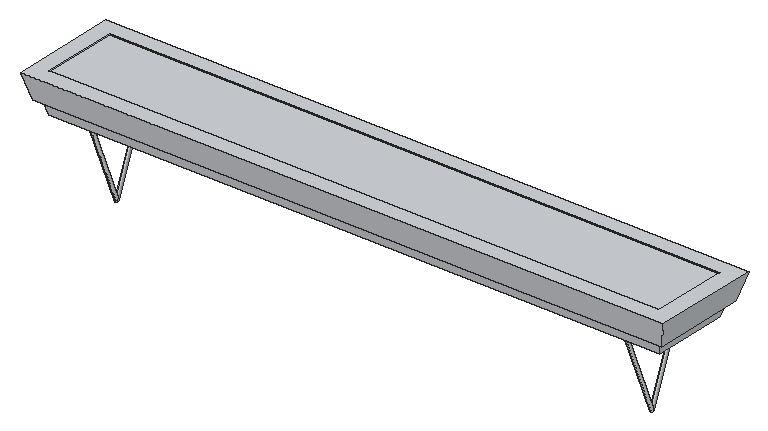
Revit family "EURS_63_LF_FB_FlexBlend SP342C_L1200_PHI", category Lighting Fixtures, host Face, Revit 2016
Family settings
  Host = Face
  Part Type = Normal
  Round Connector Dimension = Use Diameter
  Cut with Voids When Loaded = No
  Light Source = No
  Shared = Yes
  Room Calculation Point = No
Parameters
  Width = 200 mm
  Voltage (V) = 230 V
  Visibility 2D symbol [instance] = no
  Visibility 2D outline rectangle [instance] = not(Visibility 2D symbol)  # yes
  URL = "http://www.lighting.philips.com/main/home"
  Type Comments = "Pendant"
  Suspension height [instance] = 150 mm
  Rim height = 5 mm
  Product catalog - URL = "MODEL WEBPAGE"
  Order code = "ORDER CODE"
  Model = "SP342C L1200"
  Manufacturer = "Philips"
  Light source = 2 mm
  Light loss factor = ""
  Length 01 = 1000 mm
  Length = 1200 mm
  Last IES update = "DATE"
  Lamp = "LAMP TYPE"
  Initial luminous flux (lm) = ""
  Init. Corr. Color Temperature (K) = ""
  Height = 73 mm
  Fixture code = "FIXTURE CODE"
  ETIM code URL = "https://prod.etim-international.com/Class/Details?classId=EC001743&classVersion=7"
  ETIM code = "EC001743"
  EOC = "EOC CODE"
  Description = "FlexBlend"
  Default Elevation = 0 mm
  Content version = "1.0"
  Content modified date = "23-03-2020"
  Content creation date = "23-03-2020"
  Content Creator = "https://www.cadac.com/bimcontent"
  BIM Library - URL = "http://www.lighting.philips.com/main/support/support/revit-library#page=1"
  Armatuurcode [instance] = ""
  Apparent Load = 0 VA
  12NC = "12NC CODE"
Reference planes
  plane 1 "Center (Front/Back)": y = 0
  plane 2: z = 0
  plane 3 "Center (Left/Right)": x = 0
  plane 4: x = -600
  plane 5: y = -100
  plane 6: y = 100
  plane 7: x = 600
  plane 8: z = 150
  plane 9: z = 223
  plane 10: z = 222
  plane 11: x = -500
  plane 12: x = 500
Forms (mm)
  Extrusion 1, solid
    sketch origin (0, 382.061, 150) x (0, 1, 0) y (-1, 0, 0)
      loop
        line (-482.061, 600) -> (-482.061, -600) -> (-282.061, -600) -> (-282.061, 600) -> (-482.061, 600)
    from 73 to 0
  Extrusion 2, void
    sketch origin (0, 0, 150) x (0, 1, 0) y (0, 0, 1)
      loop
        line (100, 73) -> (87.406, 26) -> (77.406, 26) -> (70.44, 0) -> (100, 0) -> (100, 73)
    from -600 to 600
  Extrusion 3, void
    sketch origin (0, 0, 150) x (0, -1, 0) y (0, 0, -1)
      loop
        line (100, -73) -> (100, 0) -> (70.44, 0) -> (77.406, -26) -> (87.406, -26) -> (100, -73)
    from -600 to 600
  Extrusion 4, void
    sketch origin (-500, 500, 150) x (-1, 0, 0) y (0, 0, 1)
      loop
        line (100, 73) -> (87.406, 26) -> (77.406, 26) -> (70.44, 0) -> (100, 0) -> (100, 73)
    from -600 to -400
  Extrusion 5, void
    sketch origin (500, 500, 150) x (1, 0, 0) y (0, 0, -1)
      loop
        line (100, -73) -> (100, 0) -> (70.44, 0) -> (77.406, -26) -> (87.406, -26) -> (100, -73)
    from -600 to -400
  Extrusion 6, void
    sketch origin (0, 0, 0) x (1, 0, 0) y (0, 1, 0)
      loop
        line (-570, 70.44) -> (-570, -70.44) -> (570, -70.44) -> (570, 70.44) -> (-570, 70.44)
    from 222 to 223
  Sweep 7, solid
    path origin (-500, -4572, 746.156) x (0, 0, 1) y (0, -1, 0)
      loop
        line (-746.156, -4572) -> (-596.156, -4632)
    profile origin (-500, 30, 75) x (0, -0.928477, 0.371391) y (1, 0, 0)
      loop
        circle (0, 0) r 3
  Sweep 8, solid
    path origin (-500, -4572, 746.156) x (0, 0, 1) y (0, -1, 0)
      loop
        line (-746.156, -4572) -> (-596.156, -4512)
    profile origin (-500, -30, 75) x (0, -0.928477, -0.371391) y (1, 0, 0)
      loop
        circle (0, 0) r 3
  Sweep 9, solid
    path origin (500, -4572, 746.156) x (0, 0, 1) y (0, -1, 0)
      loop
        line (-746.156, -4572) -> (-596.156, -4512)
    profile origin (500, -30, 75) x (0, -0.928477, -0.371391) y (1, 0, 0)
      loop
        circle (0, 0) r 3
  Sweep 10, solid
    path origin (500, -4572, 746.156) x (0, 0, 1) y (0, -1, 0)
      loop
        line (-746.156, -4572) -> (-596.156, -4632)
    profile origin (500, 30, 75) x (0, -0.928477, 0.371391) y (1, 0, 0)
      loop
        circle (0, 0) r 3
Cuts and joins
  Extrusion 2, Extrusion 3, Extrusion 4, Extrusion 5, Extrusion 6 cuts Extrusion 1
Dimensions and locks
  equal spacing: host sketch curve, plane 1 "Center (Front/Back)", host sketch curve
  equal spacing: host sketch curve, plane 3 "Center (Left/Right)", host sketch curve
  "Length": plane 4 to plane 7
  equal spacing: plane 4, plane 3 "Center (Left/Right)", plane 7
  equal spacing: plane 5, plane 1 "Center (Front/Back)", plane 6
  "Width": plane 5 to plane 6
  "Suspension height": plane 8 to host face
  "Height": plane 9 to plane 8
  plane 7 to plane 4 = 1200 mm
  equal spacing: plane 7, plane 3 "Center (Left/Right)", plane 4
  locked: Extrusion 6 sketch curve to plane 7 at 30
  locked: plane 4 to Extrusion 6 sketch curve at 30
  locked: plane 9 to plane 10 at 1
  plane 6 to Sweep 7 sketch curve = 40 mm
  Sweep 8 sketch curve to plane 5 = 40 mm
  locked: plane 11 to plane 4 at 100
  locked: plane 7 to plane 12 at 100
  aligned and locked: plane 2 to host face
  aligned and locked: level to host face
  aligned and locked: plane 7 to nested 1
  aligned and locked: plane 6 to nested 1
  aligned and locked: nested 1 to plane 5
  aligned and locked: nested 1 to plane 4
  aligned and locked: Extrusion 1 to plane 7
  aligned and locked: Extrusion 1 to plane 4
  aligned and locked: Extrusion 5 to plane 7
  aligned and locked: Extrusion 4 to plane 4
  aligned and locked: plane 9 to Extrusion 1
  aligned and locked: Extrusion 1 to plane 8
  aligned and locked: Extrusion 1 to Extrusion 4
  aligned and locked: Extrusion 3 to plane 4
  aligned and locked: Extrusion 3 to plane 7
  aligned and locked: Extrusion 2 to plane 4
  aligned and locked: Extrusion 2 to plane 7
  aligned and locked: Extrusion 1 to Extrusion 6
  aligned and locked: cut or joined group of Extrusion 1, Extrusion 2, Extrusion 3, Extrusion 4, Extrusion 5, Extrusion 6 to plane 10
  aligned and locked: plane 8 to Sweep 7 sketch curve
  aligned and locked: plane 8 to Sweep 8 sketch curve
Automatic sketch dimensions
  Extrusion 1 sketch curve to plane 5 = 0 mm
  Extrusion 1 sketch curve to plane 4 = 0 mm
  plane 6 to Extrusion 1 sketch curve = 0 mm
  Extrusion 1 sketch curve to plane 7 = 0 mm
  Extrusion 2 sketch curve to plane 8 = 0 mm
  Extrusion 2 sketch curve to plane 6 = 0 mm
  Extrusion 2 sketch curve to plane 9 = 0 mm
  plane 6 to Extrusion 2 sketch curve = 12.594 mm
  Extrusion 2 sketch curve to Extrusion 2 sketch curve = 10 mm
  Extrusion 2 sketch curve to Extrusion 2 sketch curve = 6.967 mm
  plane 8 to Extrusion 2 sketch curve = 26 mm
  Extrusion 3 sketch curve to plane 8 = 0 mm
  Extrusion 3 sketch curve to plane 5 = 0 mm
  Extrusion 3 sketch curve to plane 9 = 0 mm
  Extrusion 3 sketch curve to plane 5 = 12.594 mm
  Extrusion 3 sketch curve to Extrusion 3 sketch curve = 10 mm
  Extrusion 3 sketch curve to Extrusion 3 sketch curve = 6.967 mm
  Extrusion 3 sketch curve to plane 8 = 26 mm
  Extrusion 4 sketch curve to plane 8 = 0 mm
  Extrusion 4 sketch curve to plane 4 = 0 mm
  Extrusion 4 sketch curve to plane 9 = 0 mm
  plane 4 to Extrusion 4 sketch curve = 12.594 mm
  Extrusion 4 sketch curve to Extrusion 4 sketch curve = 10 mm
  Extrusion 4 sketch curve to Extrusion 4 sketch curve = 6.967 mm
  plane 8 to Extrusion 4 sketch curve = 26 mm
  Extrusion 5 sketch curve to plane 8 = 0 mm
  plane 7 to Extrusion 5 sketch curve = 0 mm
  Extrusion 5 sketch curve to plane 9 = 0 mm
  plane 7 to Extrusion 5 sketch curve = 12.594 mm
  Extrusion 5 sketch curve to Extrusion 5 sketch curve = 10 mm
  Extrusion 5 sketch curve to Extrusion 5 sketch curve = 6.967 mm
  plane 8 to Extrusion 5 sketch curve = 26 mm
  plane 5 to Extrusion 6 sketch curve = 29.56 mm
  plane 6 to Extrusion 6 sketch curve = 29.56 mm
  Sweep 7 sketch curve to level = 0 mm
  Sweep 7 sketch curve to plane 1 "Center (Front/Back)" = 0 mm
  Sweep 7 sketch curve to profile plane = 0 mm  (x2)
  Sweep 8 sketch curve to level = 0 mm
  Sweep 8 sketch curve to plane 1 "Center (Front/Back)" = 0 mm
  Sweep 8 sketch curve to profile plane = 0 mm  (x2)
  profile plane to Sweep 9 sketch curve = 0 mm
  Sweep 9 sketch curve to profile plane = 0 mm
  profile plane to Sweep 10 sketch curve = 0 mm
  Sweep 10 sketch curve to profile plane = 0 mm
  Sweep 9 sketch curve to level = 0 mm
  Sweep 9 sketch curve to plane 8 = 0 mm
  Sweep 9 sketch curve to plane 1 "Center (Front/Back)" = 0 mm
  plane 5 to Sweep 9 sketch curve = 40 mm
  Sweep 10 sketch curve to level = 0 mm
  Sweep 10 sketch curve to plane 8 = 0 mm
  Sweep 10 sketch curve to plane 1 "Center (Front/Back)" = 0 mm
  plane 6 to Sweep 10 sketch curve = 40 mm
  radius of Sweep 7 sketch curve = 3 mm
  radius of Sweep 8 sketch curve = 3 mm
  radius of Sweep 9 sketch curve = 3 mm
  radius of Sweep 10 sketch curve = 3 mm
Nested families
  nested 1: "2D-PL-Rechthoekig" at (0, 0, 0), Width <- "Width", lengte <- "Length", visible <- "Visibility 2D outline rectangle", type "2D symbool"
    with lengte 1200 mm, Width 200 mm
  nested 2: "PL-TL armatuur plafond rechthoekig" at (0, 0, 0), lengte <- "Length", l1 <- "Length", visible <- "Visibility 2D symbol", type "armatuur tl"
    with lengte 1200 mm, l1 1200 mm
Connectors
  electrical at (0, 0, 0), driven by "Apparent Load", driven by "Voltage (V)"
    settings: on host face, index 1, voltage 230 V, apparent load 0 VA, apparent load phase1 0 VA, apparent load phase2 0 VA, apparent load phase3 0 VA, power factor 1, load classification "Other", number of poles 1, system type 31, power factor state 1, is connector primary yes, connector utility no, sub classification motor no, connector description ""
Definition of nested family "2D-PL-Rechthoekig"
  Parameters (values of type "2D symbool")
    lengte [instance] = 1200 mm
    Width [instance] = 100 mm
    Type Comments = "GEEN CALCULATIEOBJECT"
    Manufacturer = ""
    Description = "Armatuur 2D symbool"
    Copyright © Cadac = "www.cadac.com/aec"
    Cadac content versie = ""
    Assembly Code = ""
  Reference planes
    plane 1 "Center (Front/Back)": y = 0
    plane 2: z = 0
    plane 3 "Center (Left/Right)": x = 0
    plane 4: y = 150
    plane 5: y = -150
    plane 6: y = 176.777
    plane 7: x = -176.777
    plane 8: x = 176.777
    plane 9: y = -176.777
    plane 10 "Cadac Group AEC": y = 0
    plane 11: y = 400
    plane 12: y = -191.421
    plane 13: y = -206.066
    plane 14: y = -220.711
    plane 15: y = -235.355
  Lines and regions (mm)
    symbolic lines
      curve 1: line (600, 50, 0) -> (600, -50, 0)
      curve 2: line (-600, 50, 0) -> (-600, -50, 0)
      curve 3: line (-600, 50, 0) -> (600, 50, 0)
      curve 4: line (-600, -50, 0) -> (600, -50, 0)
  Dimensions and locks
    equal spacing: curve 2, plane 3 "Center (Left/Right)", curve 1
    "lengte": curve 2 to curve 1
    equal spacing: plane 5, plane 1 "Center (Front/Back)", plane 4
    locked: plane 4 to plane 5 at 300
    equal spacing: curve 4, plane 1 "Center (Front/Back)", curve 3
    "Width": curve 4 to curve 3
    locked: plane 7 to plane 8 at 353.553
    locked: plane 6 to plane 9 at 353.553
    equal spacing: plane 7, plane 3 "Center (Left/Right)", plane 8
    equal spacing: plane 6, plane 1 "Center (Front/Back)", plane 9
    locked: plane 1 "Center (Front/Back)" to plane 11 at 400
    equal spacing: plane 9, plane 12, plane 13, plane 14, plane 15
    locked: plane 9 to plane 15 at 58.579
    aligned and locked: plane 10 "Cadac Group AEC" to plane 1 "Center (Front/Back)"
Definition of nested family "PL-TL armatuur plafond rechthoekig"
  Parameters (values of type "armatuur tl_generiek")
    radius cirkel = 75 mm
    lengte [instance] = 1200 mm
    l1 [instance] = 1200 mm
    b2 = b1 * 2  # 100 mm
    b1 = 50 mm
    Type Comments = "GEEN CALCULATIEOBJECT"  # constant formula
    Manufacturer = ""
    Length lines in cirkel = (radius cirkel * 2) - 70 mm  # 80 mm
    Description = "Armatuur TL"
    Copyright © Cadac = "www.cadac.com/aec"
    Cadac content versie = "3.2"  # constant formula
    Assembly Code = ""
  Types (2, lengths in mm): name | radius cirkel | b2 | b1 | Length lines in cirkel
    armatuur tl_generiek | 75 | 100 | 50 | 80
    armatuur tl | 125 | 200 | 100 | 180
  Reference planes
    plane 1 "Center (Front/Back)": y = 0
    plane 2: z = 0
    plane 3 "Center (Left/Right)": x = 0
    plane 4: y = 50
    plane 5: y = -50
    plane 6: y = 176.777
    plane 7: x = -40
    plane 8: x = 40
    plane 9: y = -176.777
    plane 10 "Cadac Group AEC": y = 0
    plane 11: y = 400
    plane 12: y = -191.421
    plane 13: y = -206.066
    plane 14: y = -220.711
    plane 15: y = -235.355
  Lines and regions (mm)
    symbolic lines
      curve 1: circle (0, 0, 0) r 75 normal (0, 0, 1)
      curve 2: line (600, 50, 0) -> (600, -50, 0)
      curve 3: line (600, -8.333, 0) -> (74.536, -8.333, 0)
      curve 4: line (600, 8.333, 0) -> (74.536, 8.333, 0)
      curve 5: line (600, 25, 0) -> (70.711, 25, 0)
      curve 6: line (600, -25, 0) -> (70.711, -25, 0)
      curve 7: line (-600, 50, 0) -> (-600, -50, 0)
      curve 8: line (-600, -8.333, 0) -> (-74.536, -8.333, 0)
      curve 9: line (-600, 8.333, 0) -> (-74.536, 8.333, 0)
      curve 10: line (-600, 25, 0) -> (-70.711, 25, 0)
      curve 11: line (-600, -25, 0) -> (-70.711, -25, 0)
      curve 12: line (-40, 63.443, 0) -> (40, -63.443, 0)
      curve 13: line (-40, -63.443, 0) -> (40, 63.443, 0)
  Dimensions and locks
    equal spacing: curve 7, plane 3 "Center (Left/Right)", curve 2
    "l1": curve 7 to curve 2
    equal spacing: plane 5, plane 1 "Center (Front/Back)", plane 4
    equal spacing: curve 5, curve 4, curve 3, curve 6
    equal spacing: curve 5, plane 1 "Center (Front/Back)", curve 6
    "b1": curve 5 to curve 6
    equal spacing: curve 11, curve 8, curve 9, curve 10
    equal spacing: curve 11, plane 1 "Center (Front/Back)", curve 10
    "b1": curve 11 to curve 10
    "Length lines in cirkel": plane 7 to plane 8
    locked: plane 6 to plane 9 at 353.553
    equal spacing: plane 7, plane 3 "Center (Left/Right)", plane 8
    equal spacing: plane 6, plane 1 "Center (Front/Back)", plane 9
    locked: plane 1 "Center (Front/Back)" to plane 11 at 400
    equal spacing: plane 9, plane 12, plane 13, plane 14, plane 15
    locked: plane 9 to plane 15 at 58.579
    "b2": plane 5 to plane 4
    "radius cirkel": radius of curve 1
    aligned and locked: plane 4 to curve 7
    aligned and locked: plane 4 to curve 2
    aligned and locked: plane 5 to curve 2
    aligned and locked: plane 5 to curve 7
    aligned and locked: plane 10 "Cadac Group AEC" to plane 1 "Center (Front/Back)"
    aligned and locked: plane 7 to curve 12
    aligned and locked: plane 7 to curve 13
    aligned and locked: plane 8 to curve 13
    aligned and locked: plane 8 to curve 12
  Automatic sketch dimensions
    plane 1 "Center (Front/Back)" to curve 1 = 0 mm
    curve 1 to plane 3 "Center (Left/Right)" = 0 mm
